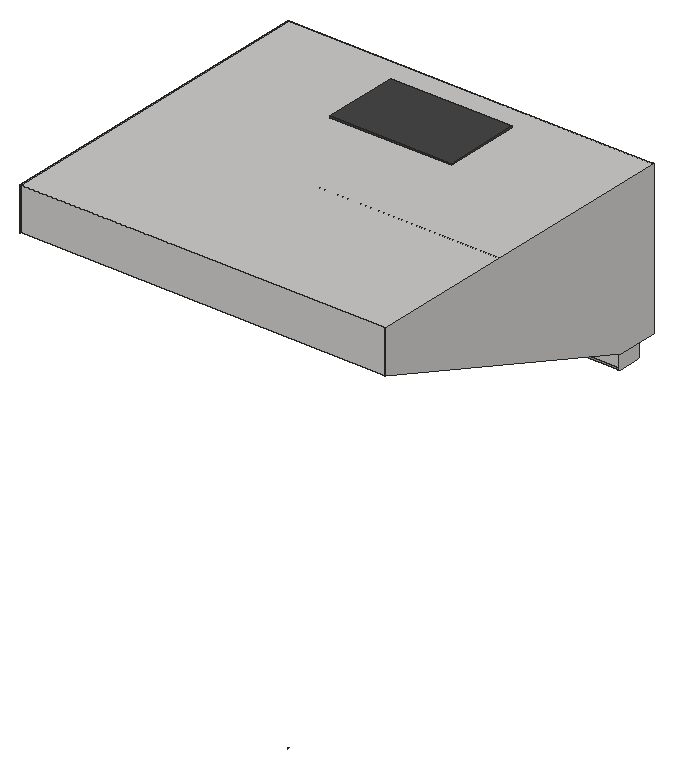
Revit family "QF_ELECTROLUXPROFESSIONAL_642089_MP1112DT", category Specialty Equipment, Revit 2014
Reference planes
  plane 1 "Center (Front/Back)": y = 0
  plane 2: z = 0
  plane 3 "Center (Left/Right)": x = 150
  plane 4 "LEFT": x = -450
  plane 5 "RIGHT": x = 750
  plane 6 "BACK": y = 550
  plane 7 "FRONT": y = -550
  plane 8 "Plane": z = 2000
  plane 9 "TOP": z = 2140
  plane 10 "Base": z = 1640
  plane 11: z = 1566
  plane 12 "DrainY": y = 485
  plane 13: x = -447
  plane 14: through (0, 414.509, 1640.8) normal (0, 0.7314, 0.682)
  plane 15: y = 470
  plane 16: y = 220
  plane 17 "DrainX": x = 630
  plane 18: x = -50
  plane 19: x = 350
  plane 20: x = 747
  plane 21: x = 540
  plane 22: x = 720
  plane 23: x = -410
  plane 24: x = 710
  plane 25: x = -47.5
  plane 26: x = 347.5
Forms (mm)
  Extrusion 1, solid, material "QF_Finishes_Stainless Steel"
    sketch origin (-450, 0, 0) x (0, 1, 0) y (0, 0, 1)
      loop
        line (550, 1640) -> (550, 2140) -> (-550, 2140) -> (-550, 1999.112) -> (413.973, 1640) -> (550, 1640)
    from 0 to 3
  Extrusion 2, solid, material "QF_Finishes_Stainless Steel"
    sketch origin (150, 0, 0) x (0, 1, 0) y (0, 0, 1)
      loop
        line (415.255, 1640) -> (550, 1640) -> (550, 2139.19) -> (549.2, 2139.19) -> (549.2, 1640.8) -> (415.876, 1640.8) -> (339.347, 1722.867) -> (349.609, 1732.436) -> (348.927, 1733.167) -> (337.934, 1722.917) -> (415.255, 1640)
      loop
        line (-82.203, 2139.19) -> (-82.203, 2118.6) -> (-31.047, 2118.6) -> (34.354, 2048.466) -> (46.028, 2059.352) -> (45.346, 2060.083) -> (34.403, 2049.879) -> (-30.612, 2119.6) -> (-81.203, 2119.6) -> (-81.203, 2139.19) -> (-82.203, 2139.19)
    from -597 to 597
  Extrusion 3, solid, material "QF_Finishes_Stainless Steel"
    sketch origin (750, 0, 0) x (0, 1, 0) y (0, 0, 1)
      loop
        line (550, 1640) -> (550, 2140) -> (-550, 2140) -> (-550, 1999.112) -> (413.973, 1640) -> (550, 1640)
    from 0 to -3
  Extrusion 4, solid, material "QF_Finishes_Stainless Steel"
    sketch origin (150, 0, 0) x (0, 1, 0) y (0, 0, 1)
      loop
        line (-550, 2140) -> (-550, 2000) -> (-549.2, 2000) -> (-549.2, 2139.19) -> (550, 2139.19) -> (550, 2140) -> (-550, 2140)
    from -600 to 600
  Extrusion 5, solid, material "QF_Finishes_Stainless Steel"
    sketch origin (150, 0, 0) x (0, 1, 0) y (0, 0, 1)
      loop
        line (534, 1640) -> (436, 1640) -> (436, 1627) -> (443.5, 1627) -> (443.5, 1576)
        arc (443.5, 1576) -> (446.429, 1568.929) -> (453.5, 1566) r 10
        line (453.5, 1566) -> (516.5, 1566)
        arc (516.5, 1566) -> (523.571, 1568.929) -> (526.5, 1576) r 10
        line (526.5, 1576) -> (526.5, 1627) -> (534, 1627) -> (534, 1640)
    from 390 to 570
  Extrusion 6, solid, material "QF_Finishes_Stainless Steel"
    sketch origin (0, 0, 1640) x (0, 1, 0) y (-1, 0, 0)
      loop
        circle (485, -630) r 20
    from -76 to -74
  Extrusion 7, solid, material "QF_Finished_Chrome"
    sketch origin (150, 0, 0) x (0, 1, 0) y (0, 0, 1)
      loop
        line (337.934, 1722.917) -> (341.591, 1726.327) -> (38.011, 2051.876) -> (34.354, 2048.466) -> (337.934, 1722.917)
    from -197.5 to -560
  Extrusion 8, solid, material "QF_Finishes_Stainless Steel"
    sketch origin (150, 0, 0) x (0, 1, 0) y (0, 0, 1)
      loop
        line (337.934, 1722.917) -> (341.591, 1726.327) -> (38.011, 2051.876) -> (34.354, 2048.466) -> (337.934, 1722.917)
    from 597 to 560
  Extrusion 9, solid, material "QF_Finished_Chrome"
    sketch origin (150, 0, 0) x (0, 1, 0) y (0, 0, 1)
      loop
        line (341.588, 1726.324) -> (38.009, 2051.874) -> (34.354, 2048.466) -> (337.934, 1722.917) -> (341.588, 1726.324)
    from 197.5 to 560
  Extrusion 10, solid, material "QF_Finishes_Black"
    sketch origin (0, 0, 2140) x (0, 1, 0) y (-1, 0, 0)
      loop
        line (470, -350) -> (470, 50) -> (220, 50) -> (220, -350) -> (470, -350)
    from 5 to 0
  Extrusion 11, solid, material "QF_Finishes_Stainless Steel"
    sketch origin (0, 0, 0) x (1, 0, 0) y (0, 1, 0)
      loop
        line (-450, 550) -> (-450, 549) -> (-449, 549) -> (-449, 550) -> (-450, 550)
    from 0 to 1
  Extrusion 12, solid, material "QF_Finishes_Stainless Steel"
    sketch origin (150, 0, 0) x (0, 1, 0) y (0, 0, 1)
      loop
        line (337.934, 1722.917) -> (341.591, 1726.327) -> (38.011, 2051.876) -> (34.354, 2048.466) -> (337.934, 1722.917)
    from -560 to -597
  Extrusion 13, solid, material "QF_Finishes_Stainless Steel"
    sketch origin (150, 0, 0) x (0, 1, 0) y (0, 0, 1)
      loop
        line (337.934, 1722.917) -> (341.591, 1726.327) -> (38.011, 2051.876) -> (34.354, 2048.466) -> (337.934, 1722.917)
    from 197.5 to -197.5
Cuts and joins
  joined: Extrusion 2, Extrusion 4
Lines and regions (mm)
  reference lines
    curve 1: line (150, 34.354, 2048.466) -> (150, 34.354, 1888.466)
  symbolic lines, style "SpecialityEquipment", detail levels coarse
    curve 2: line (750, 550, 2140) -> (-450, 550, 2140)
    curve 3: line (-450, 550, 2140) -> (-450, -550, 2140)
    curve 4: line (750, -550, 2140) -> (750, 550, 2140)
    curve 5: line (-450, -550, 2140) -> (750, -550, 2140)
    curve 6: line (350, 220, 2140) -> (-50, 220, 2140)
    curve 7: line (350, 470, 2140) -> (350, 220, 2140)
    curve 8: line (-50, 470, 2140) -> (350, 470, 2140)
    curve 9: line (-50, 220, 2140) -> (-50, 470, 2140)
    curve 10: line (-450, -550, 0) -> (750, 550, 0)
    curve 11: line (-450, 550, 0) -> (750, -550, 0)
Dimensions and locks
  plane 4 "LEFT" to plane 5 "RIGHT" = 1200 mm
  equal spacing: plane 4 "LEFT", plane 3 "Center (Left/Right)", plane 5 "RIGHT"
  locked: plane 8 "Plane" to level at 2000
  plane 9 "TOP" to plane 8 "Plane" = 140 mm
  locked: plane 9 "TOP" to plane 10 "Base" at 500
  plane 10 "Base" to plane 11 = 74 mm
  plane 6 "BACK" to plane 12 "DrainY" = 65 mm  (x2)
  plane 4 "LEFT" to plane 13 = 3 mm
  plane 6 "BACK" to plane 15 = 80 mm
  plane 15 to plane 16 = 250 mm  (x2)
  plane 17 "DrainX" to plane 5 "RIGHT" = 120 mm
  plane 20 to plane 5 "RIGHT" = 3 mm
  locked: plane 21 to plane 17 "DrainX" at 90
  locked: plane 17 "DrainX" to plane 22 at 90
  plane 6 "BACK" to plane 7 "FRONT" = 1100 mm  (x2)
  equal spacing: plane 6 "BACK", plane 1 "Center (Front/Back)", plane 7 "FRONT"
  plane 16 to plane 7 "FRONT" = 770 mm
  plane 15 to plane 6 "BACK" = 80 mm
  locked: plane 4 "LEFT" to plane 23 at 40
  locked: plane 24 to plane 5 "RIGHT" at 40
  locked: plane 25 to plane 26 at 395
  equal spacing: plane 25, plane 3 "Center (Left/Right)", plane 26
  locked: plane 18 to plane 19 at 400
  equal spacing: plane 18, plane 3 "Center (Left/Right)", plane 19
  aligned and locked: level to plane 2
  aligned and locked: Extrusion 2 to Extrusion 1
  aligned and locked: Extrusion 2 to Extrusion 3
  aligned and locked: plane 5 "RIGHT" to Extrusion 4
  aligned and locked: Extrusion 4 to plane 4 "LEFT"
  aligned and locked: plane 20 to Extrusion 8
  aligned and locked: Extrusion 10 to plane 18
  aligned and locked: Extrusion 10 to plane 16
  aligned and locked: Extrusion 10 to plane 15
  aligned and locked: Extrusion 2 to Extrusion 4
  aligned and locked: plane 22 to Extrusion 5
  aligned and locked: Extrusion 5 to plane 21
  aligned and locked: Extrusion 8 to plane 24
  aligned and locked: Extrusion 9 to plane 24
  aligned and locked: Extrusion 7 to plane 23
  aligned and locked: Extrusion 12 to plane 13
  aligned and locked: plane 23 to Extrusion 12
  aligned and locked: Extrusion 3 to plane 20
  aligned and locked: Extrusion 10 to plane 19
  aligned and locked: plane 19 to curve 7
  aligned and locked: plane 26 to Extrusion 13
  aligned and locked: Extrusion 13 to plane 25
  aligned and locked: Extrusion 9 to plane 26
Automatic sketch dimensions
  curve 5 to plane 5 "RIGHT" = 0 mm
  curve 5 to plane 7 "FRONT" = 0 mm
  curve 6 to plane 16 = 0 mm
  plane 15 to curve 8 = 0 mm
  curve 3 to plane 4 "LEFT" = 0 mm
  curve 3 to plane 6 "BACK" = 0 mm
  curve 6 to plane 18 = 0 mm
  Extrusion 1 sketch curve to plane 7 "FRONT" = 0 mm
  Extrusion 1 sketch curve to plane 10 "Base" = 0 mm
  Extrusion 1 sketch curve to plane 6 "BACK" = 0 mm
  Extrusion 1 sketch curve to plane 9 "TOP" = 0 mm
  plane 15 to Extrusion 1 sketch curve = 56.027 mm
  Extrusion 1 sketch curve to plane 8 "Plane" = 0.888 mm
  Extrusion 2 sketch curve to plane 14 = 0 mm  (x3)
  Extrusion 2 sketch curve to plane 10 "Base" = 0 mm
  plane 14 to Extrusion 2 sketch curve = 0 mm
  Extrusion 2 sketch curve to plane 6 "BACK" = 0 mm
  Extrusion 2 sketch curve to Extrusion 2 sketch curve = 65.646 mm
  Extrusion 2 sketch curve to Extrusion 2 sketch curve = 0.682 mm  (x2)
  Extrusion 2 sketch curve to Extrusion 2 sketch curve = 10.261 mm
  plane 10 "Base" to Extrusion 2 sketch curve = 82.917 mm
  Extrusion 2 sketch curve to plane 1 "Center (Front/Back)" = 46.028 mm
  Extrusion 2 sketch curve to Extrusion 2 sketch curve = 10.942 mm
  Extrusion 2 sketch curve to Extrusion 2 sketch curve = 0.049 mm
  Extrusion 2 sketch curve to plane 9 "TOP" = 20.4 mm
  Extrusion 2 sketch curve to plane 9 "TOP" = 21.4 mm
  Extrusion 2 sketch curve to plane 9 "TOP" = 0.81 mm  (x2)
  Extrusion 2 sketch curve to Extrusion 2 sketch curve = 50.156 mm
  Extrusion 2 sketch curve to Extrusion 2 sketch curve = 1 mm
  plane 10 "Base" to Extrusion 2 sketch curve = 0.8 mm
  Extrusion 2 sketch curve to plane 6 "BACK" = 0.8 mm
  Extrusion 3 sketch curve to plane 7 "FRONT" = 0 mm
  Extrusion 3 sketch curve to plane 10 "Base" = 0 mm
  Extrusion 3 sketch curve to plane 6 "BACK" = 0 mm
  Extrusion 3 sketch curve to plane 9 "TOP" = 0 mm
  plane 15 to Extrusion 3 sketch curve = 56.027 mm
  Extrusion 3 sketch curve to plane 8 "Plane" = 0.888 mm
  Extrusion 4 sketch curve to plane 7 "FRONT" = 0 mm
  Extrusion 4 sketch curve to plane 8 "Plane" = 0 mm
  Extrusion 4 sketch curve to plane 6 "BACK" = 0 mm
  Extrusion 4 sketch curve to plane 9 "TOP" = 0 mm
  plane 7 "FRONT" to Extrusion 4 sketch curve = 0.8 mm
  Extrusion 4 sketch curve to plane 9 "TOP" = 0.81 mm
  curve 1 to plane 14 = 0 mm
  curve 1 to plane 1 "Center (Front/Back)" = 34.354 mm
  curve 1 to plane 8 "Plane" = 111.534 mm
  Extrusion 5 sketch curve to plane 10 "Base" = 0 mm
  Extrusion 5 sketch curve to plane 11 = 0 mm
  Extrusion 5 sketch curve to plane 10 "Base" = 13 mm  (x2)
  plane 15 to Extrusion 5 sketch curve = 34 mm
  Extrusion 5 sketch curve to Extrusion 5 sketch curve = 7.5 mm  (x2)
  Extrusion 5 sketch curve to Extrusion 5 sketch curve = 10 mm
  plane 12 "DrainY" to Extrusion 5 sketch curve = 31.5 mm
  Extrusion 5 sketch curve to plane 6 "BACK" = 23.5 mm
  Extrusion 6 sketch curve to plane 12 "DrainY" = 0 mm
  Extrusion 6 sketch curve to plane 17 "DrainX" = 0 mm
  Extrusion 7 sketch curve to plane 14 = 0 mm  (x2)
  Extrusion 7 sketch curve to plane 1 "Center (Front/Back)" = 34.354 mm
  Extrusion 7 sketch curve to Extrusion 7 sketch curve = 3.657 mm
  plane 10 "Base" to Extrusion 7 sketch curve = 82.917 mm
  Extrusion 8 sketch curve to plane 14 = 0 mm  (x2)
  Extrusion 8 sketch curve to plane 1 "Center (Front/Back)" = 34.354 mm
  Extrusion 8 sketch curve to Extrusion 8 sketch curve = 3.657 mm
  plane 10 "Base" to Extrusion 8 sketch curve = 82.917 mm
  Extrusion 9 sketch curve to plane 14 = 0 mm  (x2)
  Extrusion 9 sketch curve to plane 1 "Center (Front/Back)" = 34.354 mm
  Extrusion 9 sketch curve to Extrusion 9 sketch curve = 3.655 mm
  plane 10 "Base" to Extrusion 9 sketch curve = 82.917 mm
  Extrusion 10 sketch curve to plane 16 = 0 mm
  plane 15 to Extrusion 10 sketch curve = 0 mm
  Extrusion 10 sketch curve to plane 19 = 0 mm
  Extrusion 10 sketch curve to plane 18 = 0 mm
  Extrusion 11 sketch curve to plane 4 "LEFT" = 0 mm
  Extrusion 11 sketch curve to plane 6 "BACK" = 0 mm
  plane 4 "LEFT" to Extrusion 11 sketch curve = 1 mm
  Extrusion 11 sketch curve to Extrusion 11 sketch curve = 1 mm
  Extrusion 12 sketch curve to plane 14 = 0 mm  (x2)
  Extrusion 12 sketch curve to plane 1 "Center (Front/Back)" = 34.354 mm
  Extrusion 12 sketch curve to Extrusion 12 sketch curve = 3.657 mm
  plane 10 "Base" to Extrusion 12 sketch curve = 82.917 mm
  Extrusion 13 sketch curve to plane 14 = 0 mm  (x2)
  Extrusion 13 sketch curve to plane 1 "Center (Front/Back)" = 34.354 mm
  Extrusion 13 sketch curve to Extrusion 13 sketch curve = 3.657 mm
  plane 10 "Base" to Extrusion 13 sketch curve = 82.917 mm
  curve 11 to plane 4 "LEFT" = 0 mm
  curve 10 to plane 4 "LEFT" = 0 mm
  curve 11 to plane 5 "RIGHT" = 0 mm
  curve 10 to plane 5 "RIGHT" = 0 mm
  curve 11 to plane 7 "FRONT" = 0 mm
  curve 10 to plane 7 "FRONT" = 0 mm
  curve 11 to plane 6 "BACK" = 0 mm
  curve 10 to plane 6 "BACK" = 0 mm
  radius of Extrusion 6 sketch curve = 20 mm
Connectors
  piping at (630, 485, 1564), diameter 20
    settings: on Extrusion 6, index 1, connector inside diameter 609.6 mm, connector length 0 mm, flow factor 0, pipe flow 0.0 L/s, pressure drop 0.0 Pa, fitting loss kfactor 0, connector angle 0.00°, fixture units 0, engagement length 0 mm, angle of deflection 0.00°, flow configuration 1, flow direction 2, fitting loss method 0, system type 16, joint type 0, gender type 0, connector reference index -1, connector utility 0, adjustable connector no, is connector primary yes, connector description "Drain"
  hvac at (150, 345, 2145)
    settings: on Extrusion 10, index 2, duct flow 0.0 L/s, flow factor 0, pres drop 0.0 Pa, loss coef 0, conn angle 0.00°, conn width 250 mm, conn height 400 mm, conn diameter 609.6 mm, duct sys type 3, conn prof type 1, flow config 0, flow direction 2, loss method 0, conn ref index -1, conn util no, is conn primary yes, conn desc "EXHAUST OUTLET"
